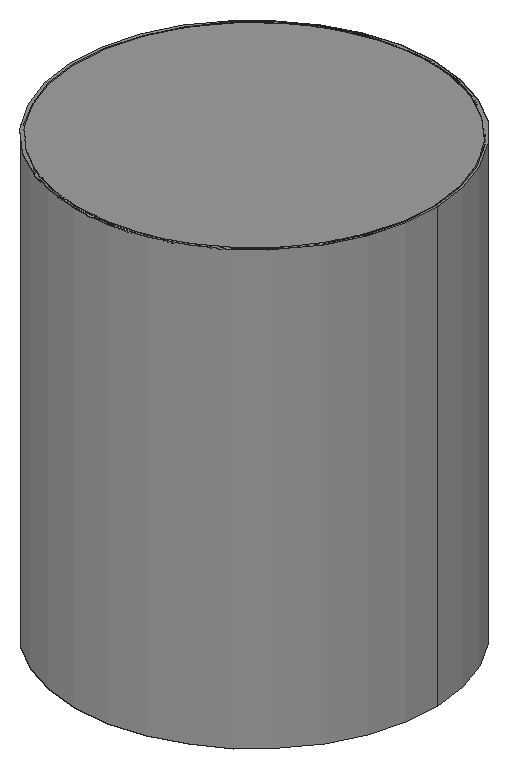
Revit family "Artemide_Tagora_Ceiling_270", category Apparecchi per illuminazione, Revit 2018
Family settings
  Quota connettore circolare = Usa diametro
  Tipo di parte = Normale
  Basato su piano di lavoro = Sì
  Sempre verticale = Sì
  Taglio con vuoti quando caricato = No
  Sorgente d'illuminazione = Sì
  Condiviso = No
  Punto di calcolo locali = No
Parameters
  Wattage = 34 W
  built-in parameter 1150110 = 1 (stored number, unit not read)
  Voltage = "-"
  built-in parameter 1114217 = 1 (stored number, unit not read)
  Tilt Angle = 90.00°
  built-in parameter 1150109 = 1 (stored number, unit not read)
  built-in parameter 1150134 = (empty or 0)
  built-in parameter 1150113 = 1 (stored number, unit not read)
  Radius_InternalCylinder = Radius_ExternalCyilinder - 2 mm  # 133 mm
  Radius_ExternalCyilinder = 135 mm
  Product Range = "Tagora"
  File diagramma fotometrico = "M248621.IES"
  Max Height from ceiling = 0 mm
  M_HousingCylinder = Artemide_Aluminum_Beige
  M_Housing = Artemide_Aluminum_White
  M_Diffuser = Artemide_Glass_LightBulb
  built-in parameter 1150105 = 130.17 (stored number, unit not read)
  Lumens = 1635.74 lm
  built-in parameter 1150115 = 1 (stored number, unit not read)
  built-in parameter 1150137 = (empty or 0)
  built-in parameter 1150139 = (empty or 0)
  built-in parameter 1150112 = 1 (stored number, unit not read)
  built-in parameter 1150114 = 1 (stored number, unit not read)
  built-in parameter 1150132 = (empty or 0)
  built-in parameter 1150102 = (empty or 0)
  built-in parameter 1150107 = 3000 (stored number, unit not read)
  built-in parameter 1150138 = (empty or 0)
  built-in parameter 1150106 = 1.3017 (stored number, unit not read)
  IfcExportType = "NOT DEFINED"  # constant formula
  IfcExportAs = "IfcLightFixtureType"  # constant formula
  Weekly = "-"
  Warranty ID = "https://cloud.artemide.com/5-years-warranty"
  Upward Component  = 0
  Unified Glare Rating  = "-"
  Uniclass 2015 = "Pr_70_70_48"  # constant formula
  URL to O&M Manual = "https://www.artemide.com/contents/documenti/prodotto/tagora_soffitto_270_instructions2487976.pdf"
  URL to Energy Technology List = "-"
  Total Power = 0
  Total Light Output  = 0
  Testing method = "-"
  Supply Phase = 0
  Suitable for Photocell Control = "-"
  Suitable for Motion Detector Control = "N"
  Suitable for Dimming  = "Y"
  Suitable Dimmer Type = "DALI"
  Standards = "-"
  Shipping Weight = 0
  Service life  = "-"
  Secondary Rated Lamp Life = 0
  Secondary Lamp Voltage = 0
  Secondary Lamp International Type Code = "-"
  Secondary Lamp Initial Lumens  = 0
  Secondary Lamp Included = "-"
  Secondary Lamp Efficacy = 0
  Secondary Lamp Colour Temperature = 0
  Secondary Lamp Colour Rendering Index = 0
  Secondary Lamp Cap = "-"
  Secondary Lamp = "-"
  Responsible Sourcing of Materials = "-"
  Responsible Extraction of Materials = "-"
  Rated Lamp Life = 50000
  Quarterly = "-"
  Product Model Number = "M248621"
  Product Literature = "https://www.artemide.com/en/subfamily/1650623/tagora-ceiling-270"
  Primary Lamp Type = "LED"
  Power Supply Kit = "-"
  Power Factor = 0
  Photocell = "-"
  Overall Width = 0
  Overall Light Output Ratio = 0
  Overall Length = 270
  Overall Height = 330
  Output Lumens Indirect light = 0
  Output Lumens Direct light = 1636
  Number of Secondary Lamps = 0
  Number of Primary Lamps = 1
  Number of Poles = 0
  Motion Sensor = "-"
  Motion Detector = "-"
  Monthly = "-"
  Minimum Operating Temperature = 0
  Maximum Operating Temperature = 0
  Material Ingredient Reporting = "-"
  Manufacturer Website = "https://www.artemide.com"
  Produttore = "Artemide"
  Maintenance Required: 8001-12000hrs  = "-"
  Maintenance Required: 601-1000hrs = "-"
  Maintenance Required: 4001-8000hrs  = "-"
  Maintenance Required: 301-600hrs  = "-"
  Maintenance Required: 2001-4000hrs  = "-"
  Maintenance Required: 1001-2000hrs  = "-"
  Maintenance Required: 0-300hrs  = "-"
  Luminance at 65deg Angle = 0
  Luminaire Type = "Ceiling lamp"
  Luminaire Maintenance Factor = 0
  Luminaire Cleaning Interval  = "-"
  Louvre/Lens = "-"
  Location of Manufacturer = "-"
  Light Output Pattern = "-"
  Light Fixture Mounting Type = "Ceiling"
  Life Cycle Analysis = "-"
  Lamp Survival Factor = "-"
  Lamp Replacement Interval = "-"
  Lamp Included = "Y"
  Lamp Cap = "LED Integrated"
  LED lifetime = 50000
  LED Maintained Colour Variation         = 0
  LED Initial Colour Variation                      = 0
  International Type Code = "-"
  Intended Market = "Unset"
  Integral Fuse or Circuit Protection  = "-"
  Integral Emergency Lighting Battery Type = "-"
  Input Lumens Indirect light = 0
  Input Lumens Direct light = 3798
  Initial Lumens = 1636
  Infills = "-"
  IP Rating = "IP20"
  IK Rating = "-"
  IES Files  = "https://www.artemide.com/product/downloadFile/1678534/ieseu/4887678"
  Housing Material = "Aluminium"
  Housing Finish  = "Painted"
  Housing Colour  = "Beige/White"
  Hazardous Area Protection Type = "-"
  Hazardous Area Category = "-"
  Gross Weight = 4.8
  Green Guide for Specification = "-"
  Frequency  = 0
  Fixings = "-"
  Fire Shroud = "-"
  Fire Rating Duration = 0
  Fire Rated Temperature = 0
  Fire Rated = "-"
  Features = "Any additional components/accessories included in this file are required to complete the product/configuration and must be ordered separately.Please check the catalogue/dedicated brochure for more information"
  Face Width = 0
  Face Shape = "Cylindrical"
  Face Length = 0
  External Control Line Voltage = 0
  Expected Life = "-"
  Environmental Product Declaration = "-"
  End Caps/Transition Caps/Joints = "-"
  Emit from Circle Diameter = 122.7 mm
  Rendi la forma visibile nel rendering = no
  Emergency light output percentage = 0
  Emergency Lighting Battery = "-"
  Emergency Charging Power       = 0
  Emergency = "N"
  Embodied Carbon  = 0
  Efficiency = 43
  built-in parameter 1150104 = 4.4696 (stored number, unit not read)
  Earth Point  = "-"
  ENEC Certification of European conformity = "N"
  Duration of Integral Emergency Lighting  = 0
  Drive Current                                          = 0
  Downward Component = 0
  Distance_HeightLamp = 329.5 mm
  Variazione temperatura colore lampada con luminosità attenuata = <Nessuno>
  Diffusing screen = "-"
  Designed by = "S./R. Cornelissen"
  Default Elevation = 1219.2 mm
  Daylight Sensor = "-"
  Daily = "-"
  Cut Out Width = 0
  Cut Out Length = 0
  Current  = 0
  Control Gear Type = "-"
  Control Gear Standby Power  = 0
  Control Gear Required = "-"
  Control Gear Location = "-"
  Column = "-"
  Colour Temperature = 3000
  Colour Rendering Index = 90
  Filtro dei colori = 16777215
  CE Approval = "Y"
  Bespoke Timeframe = "-"
  Beam Angle Transverse Axis  = 0.00°
  Beam Angle Longditudinal Axis  = 0.00°
  Basis of lifetime luminaire failures        = 0
  Basis of lifetime lumen depreciation   = 0
  built-in parameter 1114218 = 1 (stored number, unit not read)
  built-in parameter 1150133 = 10 (stored number, unit not read)
  Application Environment = "Internal"
  Annually = "-"
  Ambient Temperature                             = 0
  Air Handling = "-"
  Access Clearance Top = 0
  Access Clearance Right = 0
  Access Clearance Rear = 0
  Access Clearance Left = 0
  Access Clearance Front = 0
  Access Clearance Bottom = 0
  6 Monthly = "-"
Reference planes
  plane 1 "Center (Front/Back)": y = 0
  plane 2 "Top Lamp": z = 0
  plane 3 "Center (Left/Right)": x = 0
  plane 4 "Middle Internal Cone": z = -153.5
  plane 5 "Bottom Lamp": z = -329.5
  plane 6 "Light": z = -145.558
  plane 7: z = -1.5
  plane 8: z = -156.117
Forms (mm)
  Extrusion 1, solid, material "Artemide_Aluminum_Beige" <- "M_HousingCylinder"
    sketch origin (0, 0, 0) x (1, 0, 0) y (0, 1, 0)
      loop
        circle (0, 0) r 135
      loop
        circle (0, 0) r 133
    from -329.5 to 0
  Extrusion 2, solid, material "Artemide_Aluminum_Beige" <- "M_HousingCylinder"
    sketch origin (0, 0, 0) x (1, 0, 0) y (0, 1, 0)
      loop
        circle (0, 0) r 133
    from -1.5 to 0
  Revolve 3, solid, material "Artemide_Glass_LightBulb" <- "M_Diffuser"
    sketch origin (0, 0, 0) x (1, 0, 0) y (0, 0, 1)
      loop
        line (-60.293, -153.5) -> (-60.293, -156.117) -> (0, -156.117) -> (0, -153.5) -> (-60.293, -153.5)
      axis (0, -153.5) -> (0, -156.117)
    angle from 0 to 360
  Revolve 4, solid, material "Artemide_Aluminum_White" <- "M_Housing"
    sketch origin (0, 0, 0) x (1, 0, 0) y (0, 0, 1)
      loop
        line (-60.293, -153.5) -> (-61.91, -153.5) -> (-133, -329.5) -> (-131.383, -329.5) -> (-60.293, -153.5)
      axis (0, -153.5) -> (0, -329.5)
    angle from 0 to 360
Dimensions and locks
  locked: level to plane 7 at 1.5
  "Distance_HeightLamp": plane 2 "Top Lamp" to plane 5 "Bottom Lamp"
  imposter light to plane 4 "Middle Internal Cone" to plane 8 to plane 5 "Bottom Lamp" = 7.942 mm locked, 2.617 mm locked, 173.383 mm locked
  "Radius_ExternalCyilinder": radius of Extrusion 1 sketch curve
  "Radius_InternalCylinder": radius of Extrusion 1 sketch curve
  "Radius_InternalCylinder": radius of Extrusion 2 sketch curve
  aligned and locked: level to plane 2 "Top Lamp"
  aligned and locked: plane 6 "Light" to imposter light
  aligned and locked: plane 3 "Center (Left/Right)" to imposter light
  aligned and locked: imposter light to plane 1 "Center (Front/Back)"
  aligned and locked: plane 3 "Center (Left/Right)" to Extrusion 1 sketch curve  (x2)
  aligned and locked: plane 1 "Center (Front/Back)" to Extrusion 1 sketch curve  (x2)
  aligned and locked: plane 2 "Top Lamp" to Extrusion 1
  aligned and locked: plane 3 "Center (Left/Right)" to Extrusion 2 sketch curve
  aligned and locked: plane 1 "Center (Front/Back)" to Extrusion 2 sketch curve
  aligned and locked: plane 2 "Top Lamp" to Extrusion 2
  aligned and locked: Extrusion 2 to plane 7
  aligned and locked: plane 8 to Revolve 3 sketch curve
  aligned and locked: Revolve 3 sketch curve to plane 3 "Center (Left/Right)"
  aligned and locked: Revolve 4 sketch curve to plane 3 "Center (Left/Right)"
  aligned and locked: Extrusion 1 to plane 5 "Bottom Lamp"
  aligned and locked: Revolve 4 sketch curve to plane 5 "Bottom Lamp"
  aligned and locked: Revolve 4 sketch curve to plane 4 "Middle Internal Cone"
  aligned and locked: Revolve 3 sketch curve to plane 4 "Middle Internal Cone"
Automatic sketch dimensions
  Revolve 4 sketch curve to plane 3 "Center (Left/Right)" = 131.383 mm
  Revolve 4 sketch curve to Revolve 4 sketch curve = 1.617 mm  (x2)
  Revolve 4 sketch curve to plane 3 "Center (Left/Right)" = 60.293 mm
  Revolve 4 sketch curve to plane 5 "Bottom Lamp" = 1210.919 mm
  level to Revolve 4 sketch curve = 2214.315 mm
  Revolve 3 sketch curve to plane 3 "Center (Left/Right)" = 0 mm
  Revolve 3 sketch curve to plane 3 "Center (Left/Right)" = 60.293 mm
  Revolve 3 sketch curve to plane 5 "Bottom Lamp" = 1210.919 mm
  level to Revolve 3 sketch curve = 2214.315 mm
